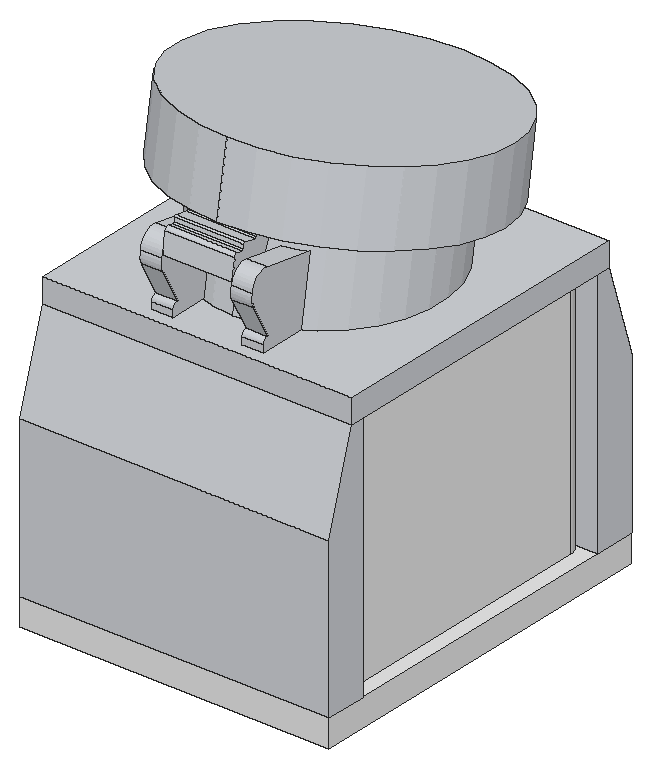
Revit family "Building-ConnessioniIEC309-GEWISS-IEC309HP-PRESE_FISSE_PAR_10°_63A_IP67", category Apparecchi elettrici, host Superficie, Revit 2019
Family settings
  Host = Superficie
  Mantenere orientamento annotazione = Sì
  Quota connettore circolare = Usa diametro
  Tipo di parte = Normale
  Taglio con vuoti quando caricato = No
  Condiviso = No
  Punto di calcolo locali = Sì
Parameters (values of type "GW63455 - PRESA FISSA 10°PAR.ST.3P+N+T 63A 500V 7H")
  simbolo acceso [instance] = yes
  distanza_simbolo [instance] = 1 mm
  distanza dal piano [instance] = 0 mm
  W = 115 mm  # constant formula
  Versione file RFA = "21.11"
  URL = "https://www.gewiss.com/it/it"
  Tipologia = "Presa fissa da parete 10°"
  Tipo Cablaggio = "A vite"
  Termopressione con biglia = "125 °C (Parti attive) - 80 °C (Parti passive)"
  Tensione nominale = "480-500V"
  Temperatura di utilizzo = "-25 +55 °C"
  Spostamento_effettivo_S [instance] = 4000 mm - Spostamento_S  # 3045 mm
  Spostamento_S = 955 mm
  Sportello_visibile = yes
  Scheda Tecnica = "https://www.gewiss.com/it/it/search?q=GW63455"
  SPinotto = Default(2)
  SEO = "Presa"
  Riferimento h = "7"
  Resistenza di isolamento = "- 10 M?"
  Resistenza agli urti = "IK08"
  Prospetto di default = 500 mm
  Produttore = "GEWISS S.p.A."
  Prodotto a stock = ""
  Potere d'interruzione a 1,1 Un = "79A"
  Piastra = Default(2)
  N. poli = "3P+N+T"
  N. Manovre complessive = "-2000"
  Modello = "GW63455"
  L = 155 mm  # constant formula
  Immagine tipo = (empty or 0)
  IDT = "15153d86c57c49878308f32a8a00a04c"
  IDF = "26e64d6d-a44b-47d0-9758-38b339e9e5b0"
  Grado di protezione = "IP67"
  Glow wire test: = "850 °C (Parti attive) - 650 °C (Parti passive)"
  Frequenza = "50/60 Hz"
  FORMULA = 1000 mm * 1  # 1000 mm
  Descrizione = "PRESA FISSA 10°PAR.ST.3P+N+T 63A 500V 7H"
  Creato da GEWISS S.p.A. = ""
  Corrente nominale (A) = "63"
  Corpo centrale = Default(2)
  Colore: = "Nero"
  Codice Electrocod = "2211"
  Catalogo = "BUILDING"
  CapacitÃ  serraggio morsetti = "6-16 mm² cavi flessibili - 6-25 mm² cavi rigidi"
  COBie.Tagnumber = ""
  COBie.CreatedOn = ""
  COBie.CreatebBy = ""
  COBie.ComponentRegisterItemID = ""
  COBie.Component.TagNumber = ""
  COBie.Component.Space = ""
  COBie.Component.SerialNumber = ""
  COBie.Component.InstallationDate = ""
  COBie.Component.Description = ""
  COBie.Component.BarCode = ""
  BLOCCO = "B=C"
Types (11, lengths in mm): name | Tensione nominale | Temperatura di utilizzo | Scheda Tecnica | Riferimento h | N. poli | Modello | IDT | Descrizione | Colore:
  GW63445 - PRESA FISSA 10°PAR.ST.2P+T 63A 110V 4H | "100-130V" | "-25 +55 °C" | "https://www.gewiss.com/it/it/search?q=GW63445" | "4" | "2P+T" | "GW63445" | "8ff042aae6ac4c248c782e1c43dc5ece" | "PRESA FISSA 10°PAR.ST.2P+T 63A 110V 4H" | "Giallo"
  GW63446 - PRESA FISSA 10°PAR.ST.3P+T 63A 110V 4H | "100-130V" | "-25 +55 °C" | "https://www.gewiss.com/it/it/search?q=GW63446" | "4" | "3P+T" | "GW63446" | "d4083f72ce60417e982ef3a30cb30fec" | "PRESA FISSA 10°PAR.ST.3P+T 63A 110V 4H" | "Giallo"
  GW63447 - PRESA FISSA 10°PAR.ST.3P+N+T 63A 110V 4H | "100-130V" | "-25 +55 °C" | "https://www.gewiss.com/it/it/search?q=GW63447" | "4" | "3P+N+T" | "GW63447" | "2a76dd4a0eaa4ca796a549f6f6cbe8bf" | "PRESA FISSA 10°PAR.ST.3P+N+T 63A 110V 4H" | "Giallo"
  GW63448 - PRESA FISSA 10°PAR.ST.2P+T 63A 230V 6H | "200-250V" | "-25 +55 °C" | "https://www.gewiss.com/it/it/search?q=GW63448" | "6" | "2P+T" | "GW63448" | "09d5438df8d14208906a7a717bcd7d22" | "PRESA FISSA 10°PAR.ST.2P+T 63A 230V 6H" | "Blu"
  GW63449 - PRESA FISSA 10°PAR.ST.3P+T 63A 230V 9H | "200-250V" | "-25 +55 °C" | "https://www.gewiss.com/it/it/search?q=GW63449" | "9" | "3P+T" | "GW63449" | "5f964db3f1e146ab9a7746342c1b292e" | "PRESA FISSA 10°PAR.ST.3P+T 63A 230V 9H" | "Blu"
  GW63450 - PRESA FISSA 10°PAR.ST.3P+N+T 63A 230V 9H | "200-250V" | "-25 +55 °C" | "https://www.gewiss.com/it/it/search?q=GW63450" | "9" | "3P+N+T" | "GW63450" | "890dbf9ca88e4dfdbd2b79f02c95ef3f" | "PRESA FISSA 10°PAR.ST.3P+N+T 63A 230V 9H" | "Blu"
  GW63451 - PRESA FISSA 10°PAR.ST.2P+T 63A 400V 9H | "380-415V" | "-25 +55 °C" | "https://www.gewiss.com/it/it/search?q=GW63451" | "9" | "2P+T" | "GW63451" | "7c9f5a66c0f14478a99335c7a54bd66c" | "PRESA FISSA 10°PAR.ST.2P+T 63A 400V 9H" | "Rosso"
  GW63452 - PRESA FISSA 10°PAR.ST.3P+T 63A 400V 6H | "380-415V" | "-25 +55 °C" | "https://www.gewiss.com/it/it/search?q=GW63452" | "6" | "3P+T" | "GW63452" | "b4e37fa85a2b42949da5b6e04df34645" | "PRESA FISSA 10°PAR.ST.3P+T 63A 400V 6H" | "Rosso"
  GW63453 - PRESA FISSA 10°PAR.ST.3P+N+T 63A 400V 6H | "380-415V" | "-25 +40 °C" | "https://www.gewiss.com/it/it/search?q=GW63453" | "6" | "3P+N+T" | "GW63453" | "1653f39ed9454284b4bbc84ea57d8a66" | "PRESA FISSA 10°PAR.ST.3P+N+T 63A 400V 6H" | "Rosso"
  GW63454 - PRESA FISSA 10°PAR.ST.3P+T 63A 500V 7H | "480-500V" | "-25 +55 °C" | "https://www.gewiss.com/it/it/search?q=GW63454" | "7" | "3P+T" | "GW63454" | "6c43a565a56c459c81ac792d6e149e6e" | "PRESA FISSA 10°PAR.ST.3P+T 63A 500V 7H" | "Nero"
  GW63455 - PRESA FISSA 10°PAR.ST.3P+N+T 63A 500V 7H | "480-500V" | "-25 +55 °C" | "https://www.gewiss.com/it/it/search?q=GW63455" | "7" | "3P+N+T" | "GW63455" | "15153d86c57c49878308f32a8a00a04c" | "PRESA FISSA 10°PAR.ST.3P+N+T 63A 500V 7H" | "Nero"
Reference planes
  plane 1 "Centro (Fronte/Retro)": y = 0
  plane 2: z = 0
  plane 3 "Centro (Sinistra/Destra)": x = 0
  plane 4: x = -3000
  plane 5: x = 45
  plane 6: z = 0
Dimensions and locks
  plane 4 to plane 3 "Centro (Sinistra/Destra)" = 3000 mm
  "Spostamento_effettivo_S": plane 4 to plane 5
  "distanza dal piano": plane 6 to plane 2
  aligned and locked: plane 2 to host face
  aligned and locked: level to host face
  aligned and locked: plane 3 "Centro (Sinistra/Destra)" to nested 1
  aligned and locked: plane 1 "Centro (Fronte/Retro)" to nested 1
  aligned and locked: nested 2 to plane 5
  aligned and locked: plane 1 "Centro (Fronte/Retro)" to nested 3
  aligned and locked: plane 3 "Centro (Sinistra/Destra)" to nested 3
Automatic sketch dimensions
  host sketch curve to host sketch curve = 2438.4 mm  (x2)
Nested families
  nested 1: "IEC309 PRESE FISSE PARETE 10' 63A IP67_base" at (0, 0, 0), type "IEC309 PRESE FISSE PARETE 10' 63A IP67_base"
  nested 2: "GWGW62201FH - SIMBOLO_PRESA" at (45, 171.559, 0), visible <- "simbolo acceso", Distanza dal muro <- "distanza_simbolo", type "3P"
    with SIMBOLO ACCESO yes, Distanza dal muro 1 mm
  nested 3: "IEC309 PRESE FISSE PARETE 10' 63A IP67_frontale" at (0, 0, 0), type "IEC309 PRESE FISSE PARETE 10' 63A IP67_frontale"
Connectors
  electrical at (37.5, 30, 0)
    settings: on nested 1, index 1, voltage 0 V, apparent load 0 VA, apparent load phase1 0 VA, apparent load phase2 0 VA, apparent load phase3 0 VA, power factor 1, load classification "Altro", number of poles 1, system type 31, power factor state 1, is connector primary yes, connector utility no, sub classification motor no, connector description ""
Definition of nested family "IEC309 PRESE FISSE PARETE 10' 63A IP67_base"
  Parameters (values of type "IEC309 PRESE FISSE PARETE 10' 63A IP67_base")
    sp_ghiera = 16 mm
    r2 = 42.5 mm
    h = 140 mm  # constant formula
    dis_base = 71 mm
    Sportello = yes
    Spinotto = none
    R1 = 56 mm
    PIASTRA = none
    Lunghezza totale = 140 mm
    CENTRALE = none
    Bsae = 115 mm  # constant formula
  Reference planes
    plane 1 "Centro (Fronte/Retro)": y = 0
    plane 2: z = 0
    plane 3 "Centro (Sinistra/Destra)": x = 0
    plane 4: x = 115
    plane 5: y = 140
    plane 6: x = 57.5
    plane 7: y = 134.875
    plane 8: y = 5.75
    plane 9: x = 5.75
    plane 10: x = 109
    plane 11: z = 10
    plane 12: y = 124.875
    plane 13: y = 15.75
    plane 14: z = 103
    plane 15: x = 7.498
    plane 16: y = 121.875
    plane 17: x = 107.498
    plane 18: z = 75.463
    plane 19: x = 40.01
    plane 20: x = 74.99
    plane 21: x = 12.474
    plane 22: x = 102.474
    plane 23: z = 112.088
    plane 24: y = 10.649
    plane 25: y = 129.976
  Forms (mm)
    Extrusion 1, solid, material <- "PIASTRA"
      sketch origin (0, 0, 0) x (1, 0, 0) y (0, 1, 0)
        loop
          line (0, 140) -> (0, 0) -> (115, 0) -> (115, 140) -> (0, 140)
      from 0 to 10
    Extrusion 2, void
      sketch origin (0, 0, 0) x (1, 0, 0) y (0, 1, 0)
        loop
          circle (5.75, 134.875) r 2.8
        loop
          circle (109, 134.875) r 2.8
        loop
          circle (5.75, 5.75) r 2.8
        loop
          circle (109, 5.75) r 2.8
      from 0 to 10
    Extrusion 3, solid, material <- "PIASTRA"
      sketch origin (0, 0, 0) x (1, 0, 0) y (0, 1, 0)
        loop
          line (5.75, 119.875) -> (5.75, 20.75)
          arc (5.75, 20.75) -> (7.214, 17.214) -> (10.75, 15.75) r 5
          line (10.75, 15.75) -> (104, 15.75)
          arc (104, 15.75) -> (107.536, 17.214) -> (109, 20.75) r 5
          line (109, 20.75) -> (109, 119.875)
          arc (109, 119.875) -> (107.536, 123.411) -> (104, 124.875) r 5
          line (104, 124.875) -> (10.75, 124.875)
          arc (10.75, 124.875) -> (7.214, 123.411) -> (5.75, 119.875) r 5
      from 10 to 103
    Extrusion 4, solid, material <- "PIASTRA"
      sketch origin (0, 0, 0) x (1, 0, 0) y (0, 1, 0)
        loop
          arc (12.498, 124.875) -> (8.962, 123.411) -> (7.498, 119.875) r 5
          line (7.498, 119.875) -> (7.498, 20.75)
          arc (7.498, 20.75) -> (8.962, 17.214) -> (12.498, 15.75) r 5
          line (12.498, 15.75) -> (102.498, 15.75)
          arc (102.498, 15.75) -> (106.033, 17.214) -> (107.498, 20.75) r 5
          line (107.498, 20.75) -> (107.498, 119.875)
          arc (107.498, 119.875) -> (106.033, 123.411) -> (102.498, 124.875) r 5
          line (102.498, 124.875) -> (12.498, 124.875)
      from 103 to 75.463
    Extrusion 5, solid
      sketch origin (0, 0, 0) x (1, 0, 0) y (0, 1, 0)
        loop
          line (0, 129.976) -> (0, 10.649) -> (115, 10.649) -> (115, 129.976) -> (0, 129.976)
      from 103 to 112.088
    Extrusion 6, solid
      sketch origin (0, 0, 0) x (0, 1, 0) y (0, 0, 1)
        loop
          line (0, 10) -> (15.75, 10) -> (15.75, 103) -> (10.649, 103) -> (0, 69.243) -> (0, 10)
      from 0 to 115
    Extrusion 7, solid
      sketch origin (0, 140.625, 0) x (0, -1, 0) y (0, 0, -1)
        loop
          line (0, -10) -> (0, -69.243) -> (10.649, -103) -> (15.75, -103) -> (15.75, -10) -> (0, -10)
      from 0 to 115
    Sweep 8, solid
      path origin (0, 0, 0) x (0, 1, 0) y (0, 0, 1)
        loop
          line (74.7, 136.968) -> (79.301, 163.066)
      profile origin (0, 77, 150.017) x (0, -0.984808, 0.173648) y (1, 0, 0)
        loop
          circle (0, 57.5) r 56
    Sweep 9, solid
      path origin (0, 0, 0) x (0, 1, 0) y (0, 0, 1)
        loop
          line (74.7, 136.968) -> (68.71, 103)
      profile origin (0, 71.705, 119.984) x (0, 0.984808, -0.173648) y (1, 0, 0)
        loop
          circle (0, 57.5) r 42.5
    Extrusion 10, solid
      sketch origin (0, 0, 0) x (0, 1, 0) y (0, 0, 1)
        loop
          arc (17.392, 116.588) -> (15.978, 116.002) -> (15.392, 114.588) r 2
          line (15.392, 114.588) -> (15.392, 112.088) -> (32.887, 112.088) -> (37.17, 136.376) -> (17.375, 139.867)
          arc (17.375, 139.867) -> (12.493, 138.568) -> (10.333, 134) r 6
          arc (10.333, 134) -> (10.002, 131.546) -> (10.69, 129.167) r 6
          line (10.69, 129.167) -> (17.392, 116.588)
      from 36.752 to 44.645
    Extrusion 11, solid
      sketch origin (115, 0, 0) x (0, 1, 0) y (0, 0, -1)
        loop
          line (17.392, -116.588) -> (10.69, -129.167)
          arc (10.69, -129.167) -> (10.002, -131.546) -> (10.333, -134) r 6
          arc (10.333, -134) -> (12.493, -138.568) -> (17.375, -139.867) r 6
          line (17.375, -139.867) -> (37.17, -136.376) -> (32.887, -112.088) -> (15.392, -112.088) -> (15.392, -114.588)
          arc (15.392, -114.588) -> (15.978, -116.002) -> (17.392, -116.588) r 2
      from 36.752 to 44.645
    Extrusion 12, solid
      sketch origin (0, 0, 0) x (0, 1, 0) y (0, 0, 1)
        loop
          line (22.35, 146.199) -> (22.159, 145.114)
          arc (22.159, 145.114) -> (21.954, 144.793) -> (21.582, 144.71) r 0.5
          line (21.582, 144.71) -> (16.853, 145.543)
          arc (16.853, 145.543) -> (16.455, 145.443) -> (16.267, 145.078) r 0.5
          line (16.267, 145.078) -> (16.013, 143.661)
          arc (16.013, 143.661) -> (15.809, 143.339) -> (15.437, 143.254) r 0.5
          line (15.437, 143.254) -> (13.464, 143.602)
          arc (13.464, 143.602) -> (12.343, 143.354) -> (11.727, 142.386) r 1.5
          line (11.727, 142.386) -> (10.424, 135.001)
          arc (10.424, 135.001) -> (12.846, 138.842) -> (17.265, 139.886) r 6
          line (17.265, 139.886) -> (26.013, 138.343) -> (28.674, 145.084) -> (22.35, 146.199)
      from 44.645 to 70.355
  Cuts and joins
    Extrusion 2 cuts Extrusion 1
    joined: Extrusion 1, Extrusion 3
    joined: Extrusion 5, Sweep 9
  Dimensions and locks
    plane 3 "Centro (Sinistra/Destra)" to plane 4 = 115 mm
    plane 1 "Centro (Fronte/Retro)" to plane 5 = 140 mm
    equal spacing: plane 3 "Centro (Sinistra/Destra)", plane 6, plane 4
    locked: plane 3 "Centro (Sinistra/Destra)" to plane 9 at 5.75
    locked: plane 10 to plane 4 at 6
    locked: plane 1 "Centro (Fronte/Retro)" to plane 8 at 5.75
    locked: plane 5 to plane 7 at 5.125
    locked: plane 11 to level at 10
    "Bsae": plane 3 "Centro (Sinistra/Destra)" to plane 4
    "h": plane 1 "Centro (Fronte/Retro)" to plane 5
    locked: plane 12 to plane 7 at 10
    locked: plane 8 to plane 13 at 10
    locked: plane 14 to plane 11 at 93
    locked: plane 17 to plane 10 at 1.502
    locked: plane 12 to plane 16 at 3
    equal spacing: plane 19, plane 6, plane 20
    plane 19 to plane 20 = 34.979 mm
    locked: plane 9 to plane 21 at 6.724
    locked: plane 22 to plane 10 at 6.526
    plane 13 to plane 12 = 109.125 mm
    locked: plane 23 to plane 14 at 9.088
    diameter of cut or joined group of Extrusion 1, Extrusion 2, Extrusion 3 = 5.6 mm
    radius of Extrusion 3 sketch curve = 5 mm  (x3)
    radius of Extrusion 4 sketch curve = 5 mm  (x3)
    "R1": radius of Sweep 8 sketch curve
    "r2": radius of Sweep 9 sketch curve
    aligned and locked: level to plane 2
    aligned and locked: Extrusion 1 sketch curve to plane 3 "Centro (Sinistra/Destra)"
    aligned and locked: Extrusion 1 sketch curve to plane 5
    aligned and locked: Extrusion 1 sketch curve to plane 4
    aligned and locked: Extrusion 1 sketch curve to plane 1 "Centro (Fronte/Retro)"
    aligned and locked: plane 11 to Extrusion 1
    aligned and locked: plane 9 to Extrusion 2 sketch curve  (x2)
    aligned and locked: plane 7 to Extrusion 2 sketch curve  (x2)
    aligned and locked: plane 10 to Extrusion 2 sketch curve  (x2)
    aligned and locked: plane 8 to Extrusion 2 sketch curve  (x2)
    aligned and locked: cut or joined group of Extrusion 1, Extrusion 2, Extrusion 3 to level
    aligned and locked: Extrusion 1 to Extrusion 2
    aligned and locked: Extrusion 3 sketch curve to plane 9
    aligned and locked: Extrusion 3 sketch curve to plane 10
    aligned and locked: Extrusion 3 sketch curve to plane 13
    aligned and locked: plane 12 to Extrusion 3 sketch curve
    aligned and locked: plane 14 to Extrusion 3
    aligned and locked: Extrusion 3 to plane 11
    aligned and locked: Extrusion 4 sketch curve to plane 15
    aligned and locked: Extrusion 4 sketch curve to plane 17
    aligned and locked: Extrusion 4 to plane 14
    aligned and locked: Extrusion 4 to plane 18
    aligned and locked: Extrusion 5 sketch curve to plane 4
    aligned and locked: Extrusion 5 sketch curve to plane 3 "Centro (Sinistra/Destra)"
    aligned and locked: Extrusion 5 to plane 14
    aligned and locked: Extrusion 5 to plane 23
    aligned and locked: Extrusion 4 sketch curve to plane 13
    aligned and locked: plane 12 to Extrusion 4 sketch curve
    aligned and locked: Extrusion 6 sketch curve to plane 1 "Centro (Fronte/Retro)"
    aligned and locked: Extrusion 6 sketch curve to plane 13
    aligned and locked: Extrusion 6 sketch curve to plane 14
    aligned and locked: Extrusion 6 sketch curve to plane 11
    aligned and locked: Extrusion 6 to plane 3 "Centro (Sinistra/Destra)"
    aligned and locked: Extrusion 6 to plane 4
    aligned and locked: Extrusion 5 sketch curve to plane 24
    aligned and locked: plane 25 to Extrusion 5 sketch curve
    aligned and locked: plane 6 to Sweep 8 sketch curve
    aligned and locked: plane 6 to Sweep 9 sketch curve
    aligned and locked: Extrusion 12 to Extrusion 10
    aligned and locked: Extrusion 12 to Extrusion 11
  Automatic sketch dimensions
    plane 21 to Extrusion 3 sketch curve = 1.724 mm
    Extrusion 4 sketch curve to plane 21 = 0.024 mm
    Extrusion 6 sketch curve to plane 24 = 0 mm
    plane 18 to Extrusion 6 sketch curve = 6.221 mm
    Extrusion 7 sketch curve to plane 11 = 0 mm
    Extrusion 7 sketch curve to plane 14 = 0 mm
    Extrusion 7 sketch curve to plane 25 = 0 mm
    Extrusion 7 sketch curve to plane 12 = 0 mm
    Extrusion 7 sketch curve to plane 5 = 0.625 mm
    Extrusion 7 sketch curve to plane 18 = 6.221 mm
    Sweep 8 sketch curve to plane 16 = 47.175 mm
    Sweep 8 sketch curve to plane 23 = 24.881 mm
    Sweep 8 sketch curve to Sweep 8 sketch curve = 4.602 mm
    Sweep 8 sketch curve to Sweep 8 sketch curve = 26.097 mm
    Sweep 9 sketch curve to plane 14 = 0 mm
    Sweep 9 sketch curve to plane 13 = 52.96 mm
    Sweep 9 sketch curve to Sweep 9 sketch curve = 5.99 mm
    Sweep 9 sketch curve to plane 23 = 24.881 mm
    plane 23 to Extrusion 10 sketch curve = 0 mm
    plane 13 to Extrusion 10 sketch curve = 0.358 mm
    Extrusion 10 sketch curve to plane 13 = 0.236 mm
    Extrusion 10 sketch curve to plane 13 = 0.583 mm
    Extrusion 10 sketch curve to plane 13 = 1.642 mm  (x2)
    Extrusion 10 sketch curve to Extrusion 10 sketch curve = 15.495 mm
    Extrusion 10 sketch curve to Extrusion 10 sketch curve = 20.837 mm
    Extrusion 10 sketch curve to plane 23 = 2.5 mm
    Extrusion 10 sketch curve to Extrusion 10 sketch curve = 2 mm
    Extrusion 10 sketch curve to Extrusion 10 sketch curve = 15.401 mm
    Extrusion 10 sketch curve to Extrusion 10 sketch curve = 1.97 mm
    Extrusion 10 sketch curve to Extrusion 10 sketch curve = 2.418 mm
    Extrusion 10 sketch curve to plane 24 = 0.042 mm
    Extrusion 10 sketch curve to Extrusion 10 sketch curve = 0 mm  (x5)
    plane 24 to Extrusion 10 sketch curve = 0.316 mm
    Extrusion 10 sketch curve to plane 13 = 1.625 mm
    Extrusion 10 sketch curve to Extrusion 10 sketch curve = 2.821 mm
    plane 23 to Extrusion 11 sketch curve = 0 mm
    plane 13 to Extrusion 11 sketch curve = 0.358 mm
    Extrusion 11 sketch curve to plane 13 = 0.236 mm
    Extrusion 11 sketch curve to plane 13 = 0.583 mm
    Extrusion 11 sketch curve to plane 13 = 1.642 mm  (x2)
    Extrusion 11 sketch curve to Extrusion 11 sketch curve = 15.495 mm
    Extrusion 11 sketch curve to Extrusion 11 sketch curve = 20.837 mm
    Extrusion 11 sketch curve to plane 23 = 2.5 mm
    Extrusion 11 sketch curve to Extrusion 11 sketch curve = 2 mm
    Extrusion 11 sketch curve to Extrusion 11 sketch curve = 15.401 mm
    Extrusion 11 sketch curve to Extrusion 11 sketch curve = 1.97 mm
    Extrusion 11 sketch curve to Extrusion 11 sketch curve = 2.418 mm
    Extrusion 11 sketch curve to plane 24 = 0.042 mm
    Extrusion 11 sketch curve to Extrusion 11 sketch curve = 0 mm  (x5)
    plane 24 to Extrusion 11 sketch curve = 0.316 mm
    Extrusion 11 sketch curve to plane 13 = 1.625 mm
    Extrusion 11 sketch curve to Extrusion 11 sketch curve = 2.821 mm
    Extrusion 12 sketch curve to plane 24 = 1.078 mm
    Extrusion 12 sketch curve to Extrusion 12 sketch curve = 1.477 mm
    Extrusion 12 sketch curve to Extrusion 12 sketch curve = 0.261 mm
    plane 13 to Extrusion 12 sketch curve = 0.313 mm
    plane 13 to Extrusion 12 sketch curve = 0.229 mm
    Extrusion 12 sketch curve to plane 13 = 0.263 mm
    Extrusion 12 sketch curve to plane 13 = 0.517 mm
    Extrusion 12 sketch curve to Extrusion 12 sketch curve = 0.499 mm
    Extrusion 12 sketch curve to Extrusion 12 sketch curve = 0.087 mm
    Extrusion 12 sketch curve to Extrusion 12 sketch curve = 4.729 mm
    Extrusion 12 sketch curve to Extrusion 12 sketch curve = 0.085 mm
    Extrusion 12 sketch curve to Extrusion 12 sketch curve = 0.492 mm
    Extrusion 12 sketch curve to Extrusion 12 sketch curve = 0.26 mm
    Extrusion 12 sketch curve to Extrusion 12 sketch curve = 0.348 mm
    Extrusion 12 sketch curve to Extrusion 12 sketch curve = 0.406 mm
    Extrusion 12 sketch curve to Extrusion 12 sketch curve = 1.049 mm
    Extrusion 12 sketch curve to Extrusion 12 sketch curve = 1.39 mm
    Extrusion 12 sketch curve to Extrusion 12 sketch curve = 0.027 mm
    Extrusion 12 sketch curve to Extrusion 12 sketch curve = 0.404 mm
    Extrusion 12 sketch curve to Extrusion 12 sketch curve = 0.191 mm
    Extrusion 12 sketch curve to Extrusion 12 sketch curve = 1.085 mm
    Extrusion 12 sketch curve to plane 13 = 0.583 mm
    Extrusion 12 sketch curve to plane 13 = 1.515 mm
    Extrusion 12 sketch curve to Extrusion 12 sketch curve = 4.431 mm
    Extrusion 12 sketch curve to Extrusion 12 sketch curve = 6.324 mm
    Extrusion 12 sketch curve to Extrusion 12 sketch curve = 6.366 mm
    Extrusion 12 sketch curve to Extrusion 12 sketch curve = 1.115 mm
    Extrusion 12 sketch curve to Extrusion 12 sketch curve = 3.369 mm
    plane 24 to Extrusion 12 sketch curve = 0.224 mm
    Extrusion 12 sketch curve to plane 23 = 21.871 mm
    Extrusion 12 sketch curve to Extrusion 12 sketch curve = 1.042 mm
    Sweep 8 sketch curve to profile plane = 0 mm
    Sweep 9 sketch curve to profile plane = 0 mm
    radius of Extrusion 2 sketch curve = 2.8 mm  (x4)
Definition of nested family "GWGW62201FH - SIMBOLO_PRESA"
  Parameters (values of type "3P")
    SIMBOLO ACCESO [instance] = yes
    Distanza dal muro [instance] = 0 mm
  Reference planes
    plane 1: y = 0
    plane 2: x = 0
  Dimensions and locks
    "Distanza dal muro": plane 1 to nested 1
    aligned and locked: plane 2 to nested 1
  Nested families
    nested 1: "GWGW62201FH - SIMBOLO" at (0, 0, 0), visible <- "SIMBOLO ACCESO", type "3P"
  Definition of nested family "GWGW62201FH - SIMBOLO"
    Parameters (values of type "3P")
      CORNICE SIMBOLO [instance] = yes
      3P = yes
    Reference planes
      plane 1: y = 0
      plane 2: x = 0
    Lines and regions (mm)
      detail lines
        curve 1: circle (-0.314, 0.674, 0) r 0.057 normal (0, 0, 1)
        curve 2: arc (0.346, -0.009, 0) -> (0, 0.337, 0) -> (-0.346, -0.009, 0) r 0.346
        curve 3: line (0, 0.337, 0) -> (0.346, 0.337, 0)
        curve 4: line (0, 3.386, 0) -> (0, 0.337, 0)
        curve 5: line (0, 0.337, 0) -> (-0.314, 0.674, 0)
Definition of nested family "IEC309 PRESE FISSE PARETE 10' 63A IP67_frontale"
  Reference planes
    plane 1 "Centro (Fronte/Retro)": y = 0
    plane 2: z = 0
    plane 3 "Centro (Sinistra/Destra)": x = 0
  Dimensions and locks
    aligned and locked: import instance to plane 3 "Centro (Sinistra/Destra)"
